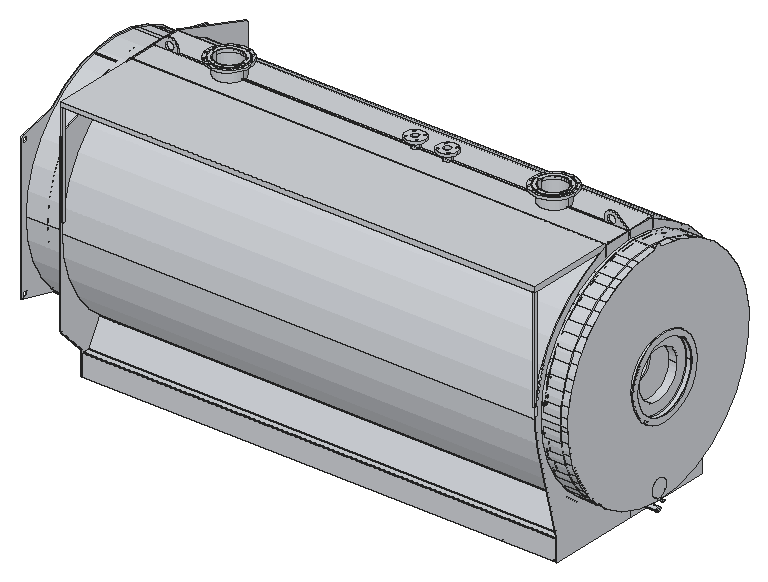
Revit family "BIMON_Котел_Водогрейный_TEMRON_WL6000", category Оборудование, Revit 2019
Family settings
  Размер круглого соединителя = Использовать диаметр
  Классификация = Нет
  Тип детали = Нормальный
  На основе рабочей плоскости = Нет
  Всегда вертикально = Да
  При загрузке вырезать с полостями = Нет
  Общий = Нет
  Точка расчета площади = Нет
Parameters
  УГО_Резмер [instance] = 0 mm
  УГО [instance] = yes
  Разработчик_Сайт = "https://www.bimon.ru/"
  Разработчик = "BIMON"  # constant formula
  Изготовитель = "Temron"  # constant formula
  URL = "https://temron.ru/catalog/temron-wl/main-wl/"
  TERMON_Расход уходящих газов = "10000 м3"
  TEMRON_Теплопроизводительность = "6 МВт/5.159 (Гкал/ч)"
  TEMRON_Температура уходящих газов = "180-185 /185-190 °С"
  TEMRON_Температура на выходе из котла = "110 °С"
  TEMRON_Температура на входе в котёл = "60 °С"
  TEMRON_Сопротивление газового тракта = "10 мбар"
  TEMRON_Расход топлива для природного газа = "661 м³/ч"
  TEMRON_Расход воды через котел = "206.2 м³/ч"
  TEMRON_Номинальная производительность = "6 МВт"
  TEMRON_Максимальное рабочее давление = "0.6 МПа"
  TEMRON_Максимальная температура пара = 110 mm
  TEMRON_КПД = "92.5 %"
  TEMRON_Водяной объём котла = "7 м³"
  D5_Уходящие газы = 720 mm  # constant formula
  D4_Дренажный патрубок газового котла = 15 mm  # constant formula
  D3_Дренажный патрубок = 32 mm  # constant formula
  D2_Аварийная линия = 65 mm  # constant formula
  D1_Выход теплоносителя = 250 mm  # constant formula
  D1_Вход теплоносителя = 250 mm  # constant formula
  ADSK_Этаж [instance] = ""
  ADSK_Расход жидкости [instance] = 0.0 L/s
  ADSK_Расход воздуха [instance] = 0.0 L/s
  ADSK_Примечание [instance] = ""
  ADSK_Позиция [instance] = ""
  ADSK_Обозначение = ADSK_Марка  # "WL 6000"
  ADSK_Наименование краткое [instance] = "Котел низкого давления"
  ADSK_Наименование = "Водогрейный котел низкого давления"
  ADSK_Материал = none
  ADSK_Масса_Текст = "8403"
  ADSK_Масса = 8403  # constant formula
  ADSK_Марка = "WL 6000"  # constant formula
  ADSK_Количество = 1  # constant formula
  ADSK_Код изделия = ""
  ADSK_Завод-изготовитель = "Temron"  # constant formula
  ADSK_Единица измерения = "шт"  # constant formula
  ADSK_URL страницы изделия = "https://temron.ru/catalog/temron-wl/vodogreynye-kotly-nizkogo-davleniya-temron-wl-6000/"
Reference planes
  plane 1 "По центру (Вперед/Назад)": y = 0
  plane 2: z = 0
  plane 3 "По центру (Влево/Вправо)": x = 0
  plane 4: y = 819.5
  plane 5: y = -819.5
  plane 6: x = -1260
  plane 7: x = -1250
  plane 8: x = -50
  plane 9: z = 1860
  plane 10: y = 250
  plane 11: z = 2590
  plane 12: z = 2589.88
  plane 13: z = 2024.296
  plane 14: x = -1270
  plane 15: x = 2720
  plane 16: x = 3120
  plane 17: x = 3210
  plane 18: x = 3198
  plane 19: z = 1305
  plane 20: x = 974
Forms (mm)
  Extrusion 1, solid, detail levels fine
    sketch origin (0, 0, 0) x (0, 1, 0) y (0, 0, 1)
      loop
        circle (0.012, 1305.004) r 1085
      loop
        circle (0.012, 1305.004) r 1090
    from -1250 to 3198
  Extrusion 2, solid, detail levels fine
    sketch origin (-1260, 1234.069, 1200) x (0, 1, 0) y (0, 0, 1)
      loop
        circle (-1234.069, 105) r 1035
      loop
        circle (-1234.069, 105) r 1025
    from 0 to -10
  Extrusion 3, solid, detail levels fine
    sketch origin (-1260, 1234.069, 1200) x (0, 1, 0) y (0, 0, 1)
      loop
        circle (-1234.069, 105) r 1025
      loop
        circle (-1234.069, 105) r 225
    from 0 to -1
  Extrusion 4, solid, detail levels fine
    sketch origin (3208, 1168.888, 1200) x (0, 1, 0) y (0, 0, 1)
      loop
        line (-317.253, -987.363) -> (-104.568, -172.936)
        arc (-104.568, -172.936) -> (-162.004, 547.961) -> (-654.634, 1077.401) r 1100
        line (-654.634, 1077.401) -> (-917.092, 1216.199)
        arc (-917.092, 1216.199) -> (-928.424, 1220.527) -> (-940.466, 1221.999) r 50
        line (-940.466, 1221.999) -> (-1168.875, 1221.999) -> (-1168.875, 1130.004)
        arc (-1168.875, 1130.004) -> (-143.875, 105.004) -> (-1168.875, -919.996) r 1025
        line (-1168.875, -919.996) -> (-1168.875, -999.996)
        arc (-1168.875, -999.996) -> (-1138.875, -1029.996) -> (-1168.875, -1059.996) r 30
        line (-1168.875, -1059.996) -> (-1168.875, -1199.996) -> (-318.875, -1199.996) -> (-318.875, -999.996)
        arc (-318.875, -999.996) -> (-318.468, -993.627) -> (-317.253, -987.363) r 50
    from 0 to -10
  Extrusion 5, solid, detail levels fine
    sketch origin (-1260, 1464.581, 1265.004) x (0, 1, 0) y (0, 0, 1)
      loop
        line (-685.069, -1074) -> (-629.269, -1074)
        arc (-629.269, -1074) -> (-622.551, -1076.782) -> (-619.769, -1083.5) r 9.5
        line (-619.769, -1083.5) -> (-619.769, -1246.5)
        arc (-619.769, -1246.5) -> (-622.551, -1253.218) -> (-629.269, -1256) r 9.5
        line (-629.269, -1256) -> (-685.069, -1256)
        arc (-685.069, -1256) -> (-688.958, -1257.611) -> (-690.569, -1261.5) r 5.5
        line (-690.569, -1261.5) -> (-690.569, -1265) -> (-614.569, -1265) -> (-614.569, -1065) -> (-690.569, -1065) -> (-690.569, -1068.5)
        arc (-690.569, -1068.5) -> (-688.958, -1072.389) -> (-685.069, -1074) r 5.5
      loop
        arc (-2244.094, -1074) -> (-2240.205, -1072.389) -> (-2238.594, -1068.5) r 5.5
        line (-2238.594, -1068.5) -> (-2238.594, -1065) -> (-2314.594, -1065) -> (-2314.594, -1265) -> (-2238.594, -1265) -> (-2238.594, -1261.5)
        arc (-2238.594, -1261.5) -> (-2240.205, -1257.611) -> (-2244.094, -1256) r 5.5
        line (-2244.094, -1256) -> (-2299.894, -1256)
        arc (-2299.894, -1256) -> (-2306.611, -1253.218) -> (-2309.394, -1246.5) r 9.5
        line (-2309.394, -1246.5) -> (-2309.394, -1083.5)
        arc (-2309.394, -1083.5) -> (-2306.611, -1076.782) -> (-2299.894, -1074) r 9.5
        line (-2299.894, -1074) -> (-2244.094, -1074)
    from 10 to 4458
  Sweep 6, solid, detail levels fine
    path origin (1948, 0, -40) x (1, 0, 0) y (0, 0, 1)
      loop
        line (1110, 335) -> (1110, 285)
        arc (1110, 285) -> (1131.967, 231.967) -> (1185, 210) r 75
        line (1185, 210) -> (1535, 210)
    profile origin (3058, 0, 270) x (0, -1, 0) y (1, 0, 0)
      loop
        circle (0, 0) r 21
      loop
        circle (0, 0) r 18
  Extrusion 7, solid, detail levels fine
    sketch origin (-1260, 1234.069, 1200) x (0, 1, 0) y (0, 0, 1)
      loop
        circle (-1236.366, 105.004) r 860
      loop
        circle (-1236.366, 105.004) r 1025
    from 0 to 4470
  Extrusion 8, solid, detail levels fine
    sketch origin (-1260, 1234.069, 1653.999) x (0, 1, 0) y (0, 0, 1)
      loop
        line (-957.069, 665) -> (-957.069, 760)
        arc (-957.069, 760) -> (-959.404, 765.657) -> (-965.061, 768) r 8
        line (-965.061, 768) -> (-1225.079, 768)
        arc (-1225.079, 768) -> (-1230.729, 765.653) -> (-1233.069, 760) r 8
        line (-1233.069, 760) -> (-1233.069, 730) -> (-1230.069, 730) -> (-1230.069, 760)
        arc (-1230.069, 760) -> (-1228.604, 763.536) -> (-1225.069, 765) r 5
        line (-1225.069, 765) -> (-965.069, 765)
        arc (-965.069, 765) -> (-961.537, 763.539) -> (-960.069, 760.01) r 5
        line (-960.069, 760.01) -> (-960.069, 665) -> (-957.069, 665)
      loop
        line (-1238.069, 730) -> (-1235.065, 730) -> (-1235.065, 760.001)
        arc (-1235.065, 760.001) -> (-1237.407, 765.656) -> (-1243.063, 767.998) r 7.998
        line (-1243.063, 767.998) -> (-1502.91, 767.998)
        arc (-1502.91, 767.998) -> (-1508.669, 765.713) -> (-1511.069, 760) r 8
        line (-1511.069, 760) -> (-1511.069, 665) -> (-1508.069, 665) -> (-1508.069, 759.995)
        arc (-1508.069, 759.995) -> (-1506.604, 763.53) -> (-1503.069, 764.995) r 5
        line (-1503.069, 764.995) -> (-1243.069, 765)
        arc (-1243.069, 765) -> (-1239.533, 763.536) -> (-1238.069, 760) r 5
        line (-1238.069, 760) -> (-1238.069, 730)
    from 4470 to 0
  Extrusion 9, solid, detail levels fine
    sketch origin (-1260, -1234.069, 1200) x (0, -1, 0) y (0, 0, -1)
      loop
        line (-2097.682, 965.716) -> (-2320.481, 729.143)
        arc (-2320.481, 729.143) -> (-2330.557, 713.303) -> (-2334.081, 694.863) r 50
        line (-2334.081, 694.863) -> (-2334.081, -904.871)
        arc (-2334.081, -904.871) -> (-2324.261, -934.63) -> (-2298.658, -952.699) r 50
        line (-2298.658, -952.699) -> (-1519.047, -1219.699)
        arc (-1519.047, -1219.699) -> (-1511.639, -1221.42) -> (-1504.056, -1221.999) r 50
        line (-1504.056, -1221.999) -> (-1234.081, -1221.999) -> (-1234.081, -1130.004)
        arc (-1234.081, -1130.004) -> (-2259.081, -105.004) -> (-1234.081, 919.996) r 1025
        line (-1234.081, 919.996) -> (-1234.081, 1199.996) -> (-2084.081, 1199.996) -> (-2084.081, 999.996)
        arc (-2084.081, 999.996) -> (-2087.606, 981.557) -> (-2097.682, 965.716) r 50
      loop
        circle (-2314.081, -900.004) r 9
      loop
        circle (-2314.081, -925.004) r 9
    from 0 to 10
  Extrusion 10, solid, detail levels fine
    sketch origin (-1260, 1464.581, 1265.004) x (0, 1, 0) y (0, 0, 1)
      loop
        line (-625.56, -1062) -> (-680.56, -1062)
        arc (-680.56, -1062) -> (-683.06, -1061.33) -> (-684.89, -1059.5) r 5
        line (-684.89, -1059.5) -> (-809.043, -844.461)
        arc (-809.043, -844.461) -> (-813.911, -840.719) -> (-819.998, -841.53) r 8
        line (-819.998, -841.53) -> (-854.62, -861.519) -> (-853.12, -864.117) -> (-818.479, -844.117)
        arc (-818.479, -844.117) -> (-814.685, -843.617) -> (-811.649, -845.947) r 5
        line (-811.649, -845.947) -> (-687.48, -1061)
        arc (-687.48, -1061) -> (-684.551, -1063.928) -> (-680.551, -1065) r 8
        line (-680.551, -1065) -> (-625.56, -1065) -> (-625.56, -1062)
      loop
        line (-2303.603, -1062) -> (-2303.603, -1065) -> (-2248.611, -1065)
        arc (-2248.611, -1065) -> (-2244.611, -1063.928) -> (-2241.683, -1061) r 8
        line (-2241.683, -1061) -> (-2117.514, -845.947)
        arc (-2117.514, -845.947) -> (-2114.478, -843.617) -> (-2110.684, -844.117) r 5
        line (-2110.684, -844.117) -> (-2076.043, -864.117) -> (-2074.543, -861.519) -> (-2109.164, -841.53)
        arc (-2109.164, -841.53) -> (-2115.251, -840.719) -> (-2120.12, -844.461) r 8
        line (-2120.12, -844.461) -> (-2244.273, -1059.5)
        arc (-2244.273, -1059.5) -> (-2246.103, -1061.33) -> (-2248.603, -1062) r 5
        line (-2248.603, -1062) -> (-2303.603, -1062)
    from 10 to 4458
  Revolve 11, solid, detail levels fine
    sketch origin (0, 0, 0) x (1, 0, 0) y (0, 0, 1)
      loop
        line (-1263, 591) -> (2707, 591) -> (2747, 591)
        spline (2747, 591) -> (2796.249, 597.45) -> (2844.2, 616.512) -> (2889.862, 647.502) -> (2932.583, 689.617) -> (2971.799, 742.016) -> (3007.009, 803.764) -> (3037.741, 873.857) -> (3063.56, 951.117) -> (3084.063, 1034.286) -> (3098.95, 1121.968) -> (3107.971, 1212.712) -> (3111, 1305)
        line (3111, 1305) -> (3097, 1305)
        spline (3097, 1305) -> (3094.006, 1213.632) -> (3085.074, 1123.827) -> (3070.358, 1037.122) -> (3050.109, 955) -> (3024.674, 878.867) -> (2994.487, 810.025) -> (2960.067, 749.653) -> (2922, 698.782) -> (2880.939, 658.284) -> (2837.587, 628.852) -> (2792.684, 610.989) -> (2747, 605)
        line (2747, 605) -> (2707, 605) -> (-1263, 605) -> (-1263, 591)
      axis (-1263, 1305) -> (3111, 1305)
    angle from 0 to 360
  Revolve 12, solid, detail levels fine
    sketch origin (0, 0, 0) x (1, 0, 0) y (0, 0, 1)
      loop
        line (3225, 1845.993) -> (2965, 1845.993) -> (2976.277, 1813.733) -> (3225, 1813.733) -> (3225, 1832.435) -> (3225, 1845.993)
      axis (2965, 1305) -> (3225, 1305)
    angle from 0 to 360
  Revolve 13, solid, detail levels fine
    sketch origin (0, 0, 0) x (1, 0, 0) y (0, 0, 1)
      loop
        line (3249.417, 1493.513) -> (3091.417, 1493.513) -> (3091.417, 1305.013) -> (3099.417, 1305.013) -> (3099.417, 1484.513) -> (3249.417, 1484.513) -> (3249.417, 1493.513)
      axis (3249.417, 1305) -> (3091.417, 1305)
    angle from 0 to 360
  Extrusion 14, solid, detail levels fine
    sketch origin (3118, 0, 2310) x (-1, 0, 0) y (0, 0, 1)
      loop
        line (-90, 0) -> (140, 0) -> (140, 150.027)
        arc (140, 150.027) -> (98.406, 213.977) -> (23.074, 201.942) r 70
        line (23.074, 201.942) -> (-78.436, 110.426)
        arc (-78.436, 110.426) -> (-86.979, 98.656) -> (-90, 84.43) r 35
        line (-90, 84.43) -> (-90, 0)
      loop
        circle (70, 150) r 40
    from -5 to 5
  Extrusion 15, solid, detail levels fine
    sketch origin (-1170, 0, 2309.88) x (1, 0, 0) y (0, 0, -1)
      loop
        line (-90, 0) -> (-90, -84.43)
        arc (-90, -84.43) -> (-86.979, -98.656) -> (-78.436, -110.426) r 35
        line (-78.436, -110.426) -> (23.074, -201.942)
        arc (23.074, -201.942) -> (98.406, -213.977) -> (140, -150.027) r 70
        line (140, -150.027) -> (140, 0) -> (-90, 0)
      loop
        circle (70, -150) r 40
    from -5 to 5
  Extrusion 16, solid, detail levels fine
    sketch origin (-1570, 0, 1050) x (0, 1, 0) y (0, 0, 1)
      loop
        circle (-0.012, 255.004) r 1045
      loop
        circle (-0.012, 255.004) r 1053
    from -50 to 300
  Revolve 17, solid, detail levels fine
    sketch origin (-1570, 0, 1050) x (1, 0, 0) y (0, 0, 1)
      loop
        line (300, -798) -> (300, -789.999) -> (239.893, -789.999) -> (-50, -789.999) -> (-50, -798) -> (300, -798)
      axis (-50, 255) -> (300, 255)
    angle from 0 to 360
  Extrusion 18, solid, detail levels fine
    sketch origin (-1624, 0, 1049.996) x (0, 1, 0) y (0, 0, 1)
      loop
        circle (0.012, 255.004) r 225
      loop
        arc (740.435, 1022.761) -> (728.567, 1027.264) -> (718.215, 1034.61) r 50
        arc (718.215, 1034.61) -> (0.012, 1315.004) -> (-718.19, 1034.61) r 1060
        arc (-718.19, 1034.61) -> (-728.542, 1027.264) -> (-740.41, 1022.761) r 50
        line (-740.41, 1022.761) -> (-1069.314, 943.901)
        arc (-1069.314, 943.901) -> (-1091.397, 929.772) -> (-1099.988, 905.004) r 40
        line (-1099.988, 905.004) -> (-1099.988, -394.996)
        arc (-1099.988, -394.996) -> (-1091.397, -419.765) -> (-1069.314, -433.894) r 40
        line (-1069.314, -433.894) -> (-740.41, -512.754)
        arc (-740.41, -512.754) -> (-728.542, -517.256) -> (-718.19, -524.602) r 50
        arc (-718.19, -524.602) -> (0.012, -804.996) -> (718.215, -524.602) r 1060
        arc (718.215, -524.602) -> (728.567, -517.256) -> (740.435, -512.754) r 50
        line (740.435, -512.754) -> (1069.339, -433.894)
        arc (1069.339, -433.894) -> (1091.421, -419.765) -> (1100.012, -394.996) r 40
        line (1100.012, -394.996) -> (1100.012, 905.004)
        arc (1100.012, 905.004) -> (1091.421, 929.772) -> (1069.339, 943.901) r 40
        line (1069.339, 943.901) -> (740.435, 1022.761)
      loop
        circle (1060.012, -394.996) r 27
      loop
        circle (1060.012, 905.004) r 27
      loop
        circle (-1059.988, 905.004) r 27
      loop
        circle (-1059.988, -394.996) r 27
    from 4 to -6
  Extrusion 19, solid, detail levels fine
    sketch origin (-1570, 10, 1305.219) x (1, 0, 0) y (0, 0, 1)
      loop
        line (154, -1025.215) -> (154, 1024.785) -> (-50, 1024.785) -> (-50, -1025.215) -> (154, -1025.215)
    from 250 to 258
  Extrusion 20, solid, detail levels fine
    sketch origin (-1570, 498, 1305.219) x (1, 0, 0) y (0, 0, 1)
      loop
        line (154.32, -1025.215) -> (154.32, 1004.661) -> (-50, 1004.661) -> (-50, -1025.215) -> (154.32, -1025.215)
    from 250 to 258
  Extrusion 21, solid, detail levels fine
    sketch origin (-1570, 0, 1318.297) x (1, 0, 0) y (0, 1, 0)
      loop
        line (154, -992) -> (154, 1003.062) -> (-50, 1003.062) -> (-50, -992) -> (154, -992)
    from 258.282 to 266.3
  Extrusion 22, solid, detail levels fine
    sketch origin (-1570, 0, 760.279) x (1, 0, 0) y (0, 1, 0)
      loop
        line (154, -992) -> (154, 1003.062) -> (-50, 1003.062) -> (-50, -992) -> (154, -992)
    from 258.282 to 266.3
  Extrusion 23, solid, detail levels fine
    sketch origin (-1340.3, -1524, 2082.999) x (0, 0, 1) y (0, -1, 0)
      loop
        arc (-507.999, -1849.012) -> (-469.108, -1832.903) -> (-452.999, -1794.012) r 55
        line (-452.999, -1794.012) -> (-452.999, -1254.012)
        arc (-452.999, -1254.012) -> (-469.108, -1215.122) -> (-507.999, -1199.012) r 55
        line (-507.999, -1199.012) -> (-1047.999, -1199.012)
        arc (-1047.999, -1199.012) -> (-1086.89, -1215.122) -> (-1102.999, -1254.012) r 55
        line (-1102.999, -1254.012) -> (-1102.999, -1794.012)
        arc (-1102.999, -1794.012) -> (-1086.89, -1832.903) -> (-1047.999, -1849.012) r 55
        line (-1047.999, -1849.012) -> (-507.999, -1849.012)
      loop
        circle (-777.999, -1524.012) r 275
    from -299.7 to -289.7
  Extrusion 24, solid, detail levels fine
    sketch origin (-1358.264, -1524, 2082.999) x (0, 0, 1) y (0, -1, 0)
      loop
        arc (-1102.999, -1794.012) -> (-1086.89, -1832.903) -> (-1047.999, -1849.012) r 55
        line (-1047.999, -1849.012) -> (-507.999, -1849.012)
        arc (-507.999, -1849.012) -> (-469.108, -1832.903) -> (-452.999, -1794.012) r 55
        line (-452.999, -1794.012) -> (-452.999, -1254.012)
        arc (-452.999, -1254.012) -> (-469.108, -1215.122) -> (-507.999, -1199.012) r 55
        line (-507.999, -1199.012) -> (-1047.999, -1199.012)
        arc (-1047.999, -1199.012) -> (-1086.89, -1215.122) -> (-1102.999, -1254.012) r 55
        line (-1102.999, -1254.012) -> (-1102.999, -1794.012)
    from -297.736 to -281.736
  Revolve 25, solid, detail levels fine
    sketch origin (-1570, 0, 1050) x (1, 0, 0) y (0, 0, 1)
      loop
        line (-50, 480) -> (154.32, 480) -> (154.32, 1299.999) -> (-50, 1299.999) -> (-50, 480)
      axis (154.32, 255) -> (-50, 255)
    angle from 0 to 360
  Revolve 26, solid, detail levels fine
    sketch origin (-1570, 0, 1050) x (1, 0, 0) y (0, 0, 1)
      loop
        line (289, 480) -> (289, 615) -> (200, 666.384) -> (200, 1201.502) -> (289, 1252.886) -> (289, 1299.999) -> (154, 1299.999) -> (154, 480) -> (289, 480)
      axis (289, 255) -> (154, 255)
    angle from 0 to 360
  Extrusion 27, solid, detail levels fine
    sketch origin (3210, 1168.888, 1200) x (0, 1, 0) y (0, 0, 1)
      loop
        circle (-1168.888, 105) r 1035
      loop
        circle (-1168.888, 105) r 1025
    from 0 to 10
  Extrusion 28, solid, detail levels fine
    sketch origin (3210, 1168.888, 1200) x (0, 1, 0) y (0, 0, 1)
      loop
        circle (-1168.888, 105) r 1025
      loop
        circle (-1168.888, 105) r 188.513
    from 0 to 1
  Extrusion 29, solid, detail levels fine
    sketch origin (3475, 0, 1050) x (0, -1, 0) y (0, 0, 1)
      loop
        circle (0, 255) r 1046
      loop
        circle (0, 255) r 1051
    from 0 to 252
  Revolve 30, solid, detail levels fine
    sketch origin (3475, 0, 1050) x (-1, 0, 0) y (0, 0, 1)
      loop
        line (231, -789.999) -> (231, -765.999)
        arc (231, -765.999) -> (231.293, -765.292) -> (232, -764.999) r 1
        line (232, -764.999) -> (252, -764.999) -> (252, -762.999) -> (232, -762.999)
        arc (232, -762.999) -> (229.879, -763.878) -> (229, -765.999) r 3
        line (229, -765.999) -> (229, -789.999) -> (231, -789.999)
      axis (229, 255) -> (252, 255)
    angle from 0 to 360
  Extrusion 31, solid, detail levels fine
    sketch origin (3477, 0, 1049.996) x (0, -1, 0) y (0, 0, 1)
      loop
        circle (-0.012, -695.997) r 65
      loop
        circle (-0.012, -623.497) r 2.387
      loop
        circle (62.774, -732.247) r 2.387
      loop
        circle (-62.799, -732.247) r 2.387
      loop
        circle (-0.012, 255.004) r 325
      loop
        arc (-24.68, 1328.398) -> (-33.203, 1318.344) -> (-45.654, 1314.021) r 25
        arc (-45.654, 1314.021) -> (-0.012, -804.996) -> (45.629, 1314.021) r 1060
        arc (45.629, 1314.021) -> (33.178, 1318.344) -> (24.656, 1328.398) r 25
        line (24.656, 1328.398) -> (20.38, 1337.569)
        arc (20.38, 1337.569) -> (-0.012, 1350.56) -> (-20.404, 1337.569) r 22.5
        line (-20.404, 1337.569) -> (-24.68, 1328.398)
      loop
        circle (-0.012, 1328.06) r 12.5
    from 0 to -3
  Extrusion 32, solid, detail levels fine
    sketch origin (3475, 0, 1050.496) x (0, -1, 0) y (0, 0, 1)
      loop
        circle (-0.012, 254.508) r 328
      loop
        circle (-0.012, 254.508) r 331
    from -5 to -55
  Extrusion 33, solid, detail levels fine
    sketch origin (3477, 0, 1050) x (0, -1, 0) y (0, 0, 1)
      loop
        circle (0, 255) r 325
      loop
        circle (0, 255) r 355
    from -59 to -53
  Extrusion 34, solid, detail levels fine
    sketch origin (3475, 0, 1050) x (0, -1, 0) y (0, 0, 1)
      loop
        line (-75.829, -793.261) -> (-78.194, -679.363)
        arc (-78.194, -679.363) -> (0, -619.5) -> (78.194, -679.363) r 81
        line (78.194, -679.363) -> (75.829, -793.261)
        arc (75.829, -793.261) -> (0, 1306) -> (-75.829, -793.261) r 1051
      loop
        circle (0, 255.004) r 225
    from -2 to 75
  Revolve 35, solid, detail levels fine
    sketch origin (3475, 0, 1050) x (-1, 0, 0) y (0, 0, 1)
      loop
        line (75, -795.999) -> (229, -795.999) -> (229, -789.999) -> (75, -789.999) -> (75, -795.999)
      axis (229, 255) -> (75, 255)
    angle from 0 to 360
  Revolve 36, solid, detail levels fine
    sketch origin (3475, 0, 1050) x (-1, 0, 0) y (0, 0, 1)
      loop
        line (233, -759.999) -> (233, -789.999) -> (253, -789.999) -> (253, -759.999) -> (233, -759.999)
      axis (233, 255) -> (253, 255)
    angle from 0 to 360
  Extrusion 37, solid, detail levels fine
    sketch origin (3475, 0, 1050) x (0, -1, 0) y (0, 0, 1)
      loop
        circle (0, -696.008) r 80
      loop
        circle (-62.787, -732.258) r 2.387
      loop
        circle (62.787, -732.258) r 2.387
      loop
        circle (0, -623.508) r 2.387
    from -3 to -14
  Extrusion 38, solid, detail levels fine
    sketch origin (2500, 0, 2345.63) x (1, 0, 0) y (0, 1, 0)
      loop
        circle (0, 0) r 136.5
      loop
        circle (0, 0) r 125
    from 0 to 211.37
  Extrusion 39, solid, detail levels fine
    sketch origin (2500, 0, 1661) x (1, 0, 0) y (0, 1, 0)
      loop
        circle (0, 0) r 167.5
      loop
        circle (0, 0) r 125
    from 896 to 875
  Revolve 40, solid, detail levels fine
    sketch origin (2500, 0, 2345.63) x (1, 0, 0) y (0, 0, 1)
      loop
        line (-131.5, 190.37) -> (-131.5, 214.37) -> (-163, 214.37) -> (-166, 211.37) -> (-197, 211.37) -> (-197, 190.37) -> (-131.5, 190.37)
      axis (0, 214.37) -> (0, 190.37)
    angle from 0 to 360
  Extrusion 41, solid, detail levels fine
    sketch origin (-1260, 1234.094, 1200) x (0, 1, 0) y (0, 0, 1)
      loop
        arc (-2097.682, -965.716) -> (-2087.606, -981.557) -> (-2084.081, -999.996) r 50
        line (-2084.081, -999.996) -> (-2084.081, -1199.996) -> (-1234.081, -1199.996) -> (-1234.081, -919.996)
        arc (-1234.081, -919.996) -> (-2259.081, 105.004) -> (-1234.081, 1130.004) r 1025
        line (-1234.081, 1130.004) -> (-1234.081, 1221.999) -> (-1504.107, 1221.999)
        arc (-1504.107, 1221.999) -> (-1511.69, 1221.42) -> (-1519.097, 1219.699) r 50
        line (-1519.097, 1219.699) -> (-2299.21, 952.527)
        arc (-2299.21, 952.527) -> (-2324.432, 934.397) -> (-2334.081, 904.871) r 50
        line (-2334.081, 904.871) -> (-2334.081, -694.863)
        arc (-2334.081, -694.863) -> (-2330.557, -713.303) -> (-2320.481, -729.143) r 50
        line (-2320.481, -729.143) -> (-2097.682, -965.716)
      loop
        circle (-2314.081, 900.004) r 9
      loop
        circle (-2314.081, 925.004) r 9
    from 0 to 10
  Extrusion 42, solid, detail levels fine
    sketch origin (3208, -1168.863, 1200) x (0, -1, 0) y (0, 0, -1)
      loop
        arc (-317.253, 987.363) -> (-318.468, 993.627) -> (-318.875, 999.996) r 50
        line (-318.875, 999.996) -> (-318.875, 1199.996) -> (-1168.875, 1199.996) -> (-1168.875, 1059.996)
        arc (-1168.875, 1059.996) -> (-1138.875, 1029.996) -> (-1168.875, 999.996) r 30
        line (-1168.875, 999.996) -> (-1168.875, 919.996)
        arc (-1168.875, 919.996) -> (-143.875, -105.004) -> (-1168.875, -1130.004) r 1025
        line (-1168.875, -1130.004) -> (-1168.875, -1221.997) -> (-940.463, -1221.997)
        arc (-940.463, -1221.997) -> (-928.422, -1220.526) -> (-917.089, -1216.197) r 50
        line (-917.089, -1216.197) -> (-654.634, -1077.401)
        arc (-654.634, -1077.401) -> (-162.004, -547.961) -> (-104.568, 172.936) r 1100
        line (-104.568, 172.936) -> (-317.253, 987.363)
    from 0 to -10
  Extrusion 43, solid, detail levels fine
    sketch origin (3483, 0, 1050) x (0, -1, 0) y (0, 0, 1)
      loop
        circle (0, 255) r 325
      loop
        circle (0, 255) r 375
      loop
        circle (-0.012, 615.004) r 5.5
      loop
        circle (211.59, 546.25) r 5.5
      loop
        circle (342.368, 366.25) r 5.5
      loop
        circle (342.368, 143.758) r 5.5
      loop
        circle (211.59, -36.242) r 5.5
      loop
        circle (-0.012, -104.996) r 5.5
      loop
        circle (-211.615, -36.242) r 5.5
      loop
        circle (-342.393, 143.758) r 5.5
      loop
        circle (-342.393, 366.25) r 5.5
      loop
        circle (-211.615, 546.25) r 5.5
    from -59 to -53
  Extrusion 44, void
    sketch origin (-1307.815, -1524, 1860) x (0, -1, 0) y (-1, 0, 0)
      loop
        circle (-1695.452, -3761.874) r 13
      loop
        circle (-1695.452, -3853.755) r 13
      loop
        circle (-1649.511, -3933.326) r 13
      loop
        circle (-1569.94, -3979.266) r 13
      loop
        circle (-1478.06, -3979.266) r 13
      loop
        circle (-1398.489, -3933.326) r 13
      loop
        circle (-1352.548, -3853.755) r 13
      loop
        circle (-1352.548, -3761.874) r 13
      loop
        circle (-1398.489, -3682.303) r 13
      loop
        circle (-1478.06, -3636.363) r 13
      loop
        circle (-1569.94, -3636.363) r 13
      loop
        circle (-1649.511, -3682.303) r 13
    from -767.549 to -578.4
  Extrusion 45, void
    sketch origin (-1307.815, -1524, 1860) x (0, -1, 0) y (-1, 0, 0)
      loop
        circle (-1524, -3807.815) r 125
    from -1106.31 to -540.004
  Extrusion 46, solid, detail levels fine
    sketch origin (-550, 0, 2345.63) x (1, 0, 0) y (0, 1, 0)
      loop
        circle (0, 0) r 136.5
      loop
        circle (0, 0) r 125
    from 0 to 211.37
  Extrusion 47, solid, detail levels fine
    sketch origin (-550, 0, 1661) x (1, 0, 0) y (0, 1, 0)
      loop
        circle (0, 0) r 167.5
      loop
        circle (0, 0) r 125
    from 896 to 875
  Revolve 48, solid, detail levels fine
    sketch origin (-550, 0, 2345.63) x (1, 0, 0) y (0, 0, 1)
      loop
        line (-131.5, 190.37) -> (-131.5, 214.37) -> (-163, 214.37) -> (-166, 211.37) -> (-197, 211.37) -> (-197, 190.37) -> (-131.5, 190.37)
      axis (0, 214.37) -> (0, 190.37)
    angle from 0 to 360
  Extrusion 49, void
    sketch origin (-4357.815, -1524, 1860) x (0, -1, 0) y (-1, 0, 0)
      loop
        circle (-1695.452, -3761.874) r 13
      loop
        circle (-1695.452, -3853.755) r 13
      loop
        circle (-1649.511, -3933.326) r 13
      loop
        circle (-1569.94, -3979.266) r 13
      loop
        circle (-1478.06, -3979.266) r 13
      loop
        circle (-1398.489, -3933.326) r 13
      loop
        circle (-1352.548, -3853.755) r 13
      loop
        circle (-1352.548, -3761.874) r 13
      loop
        circle (-1398.489, -3682.303) r 13
      loop
        circle (-1478.06, -3636.363) r 13
      loop
        circle (-1569.94, -3636.363) r 13
      loop
        circle (-1649.511, -3682.303) r 13
    from -767.549 to -578.4
  Extrusion 50, void
    sketch origin (-4357.815, -1524, 1860) x (0, -1, 0) y (-1, 0, 0)
      loop
        circle (-1524, -3807.815) r 125
    from -1106.31 to -540.004
  Extrusion 51, solid, detail levels fine
    sketch origin (-1307.815, -1524, 1860) x (-1, 0, 0) y (0, -1, 0)
      loop
        circle (-2807.815, -1524) r 32.5
      loop
        circle (-2807.815, -1524) r 38
    from 461 to 631
  Extrusion 52, solid, detail levels fine
    sketch origin (-1607.815, -1524, 1860) x (-1, 0, 0) y (0, -1, 0)
      loop
        circle (-2807.815, -1524) r 32.5
      loop
        circle (-2807.815, -1524) r 38
    from 461 to 631
  Extrusion 53, solid, detail levels fine
    sketch origin (-1307.815, -1524, 1860) x (-1, 0, 0) y (0, -1, 0)
      loop
        circle (-2807.815, -1524) r 92.5
      loop
        circle (-2807.815, -1524) r 32.5
      loop
        circle (-2859.08, -1575.265) r 9
      loop
        circle (-2859.08, -1472.735) r 9
      loop
        circle (-2756.549, -1472.735) r 9
      loop
        circle (-2756.549, -1575.265) r 9
    from 631 to 651
  Extrusion 54, solid, detail levels fine
    sketch origin (-1607.815, -1524, 1860) x (-1, 0, 0) y (0, -1, 0)
      loop
        circle (-2807.815, -1524) r 92.5
      loop
        circle (-2807.815, -1524) r 32.5
      loop
        circle (-2859.08, -1575.265) r 9
      loop
        circle (-2859.08, -1472.735) r 9
      loop
        circle (-2756.549, -1472.735) r 9
      loop
        circle (-2756.549, -1575.265) r 9
    from 631 to 651
  Extrusion 55, solid, detail levels fine
    sketch origin (-1260, -1234.069, 1200) x (0, -1, 0) y (0, 0, -1)
      loop
        line (-137.256, -1221.999) -> (-137.256, -1171.999) -> (-957.069, -1171.999) -> (-957.069, -1221.999) -> (-137.256, -1221.999)
    from 10 to 4458
  Extrusion 56, solid, detail levels fine
    sketch origin (-1307.815, -695.254, 1860) x (-1, 0, 0) y (0, -1, 0)
      loop
        line (-57.815, 401.559) -> (-77.815, 401.559) -> (-77.815, 381.559) -> (-57.815, 381.559) -> (-57.815, 401.559)
      loop
        line (-4485.815, 401.559) -> (-4505.815, 401.559) -> (-4505.815, 381.559) -> (-4485.815, 381.559) -> (-4485.815, 401.559)
    from -449.635 to 511.999
  Revolve 57, solid
    sketch origin (2704, 0, 90.68) x (1, 0, 0) y (0, 0, 1)
      loop
        line (776, 169.32) -> (826, 169.32) -> (826, 179.32) -> (776, 179.32) -> (776, 169.32)
      axis (776, 169.32) -> (826, 169.32)
    angle from 0 to 360
Cuts and joins
  Extrusion 44, Extrusion 45 cuts Extrusion 1
  Extrusion 44, Extrusion 45 cuts Extrusion 7
  Extrusion 44, Extrusion 45, Extrusion 50 cuts Extrusion 8
  Extrusion 44, Extrusion 45 cuts Revolve 11
  Extrusion 44, Extrusion 49 cuts Revolve 40
  Extrusion 45, Extrusion 50 cuts Extrusion 38
  Extrusion 49 cuts Extrusion 39
  Extrusion 49 cuts Extrusion 47
  Extrusion 49 cuts Revolve 48
  Extrusion 50 cuts Extrusion 46
Lines and regions (mm)
  model lines, detail levels coarse+medium
    curve 1: line (-1726, 0, 4005) -> (3674, 0, 4005)
    curve 2: line (-1726, 0, -1395) -> (-1726, 0, 4005)
    curve 3: line (3674, 0, -1395) -> (-1726, 0, -1395)
    curve 4: line (3674, 0, 4005) -> (3674, 0, -1395)
Dimensions and locks
  equal spacing: plane 4, plane 1 "По центру (Вперед/Назад)", plane 5
  plane 4 to plane 5 = 1639 mm
  plane 6 to plane 3 "По центру (Влево/Вправо)" = 1260 mm
  locked: plane 7 to plane 6 at 10
  locked: plane 8 to plane 3 "По центру (Влево/Вправо)" at 50
  plane 1 "По центру (Вперед/Назад)" to plane 10 = 250 mm
  plane 15 to plane 7 = 3970 mm
  plane 16 to plane 15 = 400 mm
  plane 6 to Revolve 11 sketch curve = 3 mm
  Extrusion 16 to Extrusion 19 = 204 mm
  radius of Extrusion 27 sketch curve = 1025 mm
  aligned and locked: level to plane 2
  aligned and locked: Extrusion 5 to Extrusion 1
  aligned and locked: Extrusion 1 to Extrusion 5
  aligned and locked: Extrusion 5 to plane 7
Automatic sketch dimensions
  Extrusion 1 sketch curve to Extrusion 1 sketch curve = 0 mm  (x2)
  plane 19 to Extrusion 1 sketch curve = 0.004 mm
  Extrusion 1 sketch curve to plane 1 "По центру (Вперед/Назад)" = 0.012 mm
  Extrusion 2 sketch curve to Extrusion 2 sketch curve = 0 mm  (x2)
  Extrusion 2 sketch curve to plane 1 "По центру (Вперед/Назад)" = 0 mm
  Extrusion 2 sketch curve to plane 19 = 0 mm
  Extrusion 3 sketch curve to Extrusion 3 sketch curve = 0 mm  (x2)
  Extrusion 3 sketch curve to plane 1 "По центру (Вперед/Назад)" = 0 mm
  Extrusion 3 sketch curve to plane 19 = 0 mm
  Extrusion 4 sketch curve to Extrusion 4 sketch curve = 0 mm  (x2)
  plane 19 to Extrusion 4 sketch curve = 0.004 mm
  Extrusion 4 sketch curve to plane 1 "По центру (Вперед/Назад)" = 0.012 mm
  Extrusion 4 sketch curve to plane 10 = 21.579 mm
  plane 10 to Extrusion 4 sketch curve = 1.796 mm
  plane 10 to Extrusion 4 sketch curve = 264.254 mm
  level to Extrusion 4 sketch curve = 0.004 mm
  plane 4 to Extrusion 4 sketch curve = 30.512 mm
  Extrusion 4 sketch curve to Extrusion 4 sketch curve = 1.622 mm
  Extrusion 4 sketch curve to Extrusion 4 sketch curve = 48.378 mm
  plane 4 to Extrusion 4 sketch curve = 244.819 mm
  Extrusion 4 sketch curve to Extrusion 4 sketch curve = 140 mm
  Extrusion 4 sketch curve to Extrusion 4 sketch curve = 30 mm
  level to Extrusion 4 sketch curve = 200.004 mm
  Extrusion 4 sketch curve to Extrusion 4 sketch curve = 80 mm
  Extrusion 4 sketch curve to plane 19 = 277.936 mm
  Extrusion 4 sketch curve to Extrusion 4 sketch curve = 41.995 mm
  Extrusion 4 sketch curve to Extrusion 4 sketch curve = 44.2 mm
  Extrusion 5 sketch curve to plane 5 = 30.512 mm
  Extrusion 5 sketch curve to Extrusion 5 sketch curve = 5.2 mm
  Extrusion 5 sketch curve to Extrusion 5 sketch curve = 9.5 mm  (x3)
  plane 5 to Extrusion 5 sketch curve = 39.988 mm  (x2)
  level to Extrusion 5 sketch curve = 3.504 mm
  Extrusion 5 sketch curve to Extrusion 5 sketch curve = 5.5 mm  (x4)
  Extrusion 5 sketch curve to plane 4 = 45.488 mm  (x2)
  level to Extrusion 5 sketch curve = 0.004 mm  (x2)
  plane 4 to Extrusion 5 sketch curve = 15.812 mm  (x2)
  Extrusion 5 sketch curve to Extrusion 5 sketch curve = 14.7 mm
  Extrusion 5 sketch curve to Extrusion 5 sketch curve = 3.5 mm  (x2)
  Extrusion 5 sketch curve to Extrusion 5 sketch curve = 163 mm  (x2)
  Extrusion 5 sketch curve to Extrusion 5 sketch curve = 9 mm
  plane 18 to Sweep 6 sketch curve = 140 mm
  plane 18 to Sweep 6 sketch curve = 65 mm
  level to Sweep 6 sketch curve = 170 mm
  Sweep 6 sketch curve to plane 17 = 273 mm
  Sweep 6 sketch curve to Sweep 6 sketch curve = 50 mm
  Sweep 6 sketch curve to Sweep 6 sketch curve = 0 mm  (x2)
  plane 1 "По центру (Вперед/Назад)" to Sweep 6 sketch curve = 0 mm
  Sweep 6 sketch curve to profile plane = 0 mm
  Extrusion 7 sketch curve to Extrusion 7 sketch curve = 0 mm  (x2)
  plane 19 to Extrusion 7 sketch curve = 0.004 mm
  plane 1 "По центру (Вперед/Назад)" to Extrusion 7 sketch curve = 2.297 mm
  Extrusion 8 sketch curve to Extrusion 8 sketch curve = 0 mm  (x14)
  plane 1 "По центру (Вперед/Назад)" to Extrusion 8 sketch curve = 277 mm
  Extrusion 8 sketch curve to Extrusion 8 sketch curve = 3 mm  (x3)
  Extrusion 8 sketch curve to Extrusion 8 sketch curve = 5 mm  (x2)
  Extrusion 8 sketch curve to Extrusion 8 sketch curve = 0.159 mm
  plane 1 "По центру (Вперед/Назад)" to Extrusion 8 sketch curve = 9 mm
  Extrusion 8 sketch curve to Extrusion 8 sketch curve = 0.006 mm
  plane 1 "По центру (Вперед/Назад)" to Extrusion 8 sketch curve = 4 mm
  plane 1 "По центру (Вперед/Назад)" to Extrusion 8 sketch curve = 0.996 mm
  Extrusion 8 sketch curve to plane 1 "По центру (Вперед/Назад)" = 1 mm
  Extrusion 8 sketch curve to plane 1 "По центру (Вперед/Назад)" = 8.99 mm
  plane 10 to Extrusion 8 sketch curve = 19 mm
  Extrusion 8 sketch curve to Extrusion 8 sketch curve = 0.008 mm
  plane 10 to Extrusion 8 sketch curve = 24 mm
  plane 9 to Extrusion 8 sketch curve = 458.999 mm  (x2)
  Extrusion 8 sketch curve to Extrusion 8 sketch curve = 65 mm
  Extrusion 8 sketch curve to Extrusion 8 sketch curve = 94.995 mm
  Extrusion 8 sketch curve to Extrusion 8 sketch curve = 95 mm
  Extrusion 8 sketch curve to Extrusion 8 sketch curve = 30 mm
  Extrusion 8 sketch curve to Extrusion 8 sketch curve = 0.005 mm
  Extrusion 8 sketch curve to Extrusion 8 sketch curve = 0.001 mm
  Extrusion 8 sketch curve to Extrusion 8 sketch curve = 0.01 mm
  plane 4 to Extrusion 9 sketch curve = 280.512 mm
  Extrusion 9 sketch curve to Extrusion 9 sketch curve = 13.601 mm
  Extrusion 9 sketch curve to Extrusion 9 sketch curve = 20 mm
  Extrusion 9 sketch curve to Extrusion 9 sketch curve = 0 mm
  Extrusion 9 sketch curve to Extrusion 9 sketch curve = 15.424 mm
  Extrusion 9 sketch curve to Extrusion 9 sketch curve = 30 mm
  Extrusion 9 sketch curve to Extrusion 9 sketch curve = 50 mm
  plane 4 to Extrusion 9 sketch curve = 80.512 mm
  plane 4 to Extrusion 9 sketch curve = 44.113 mm
  level to Extrusion 9 sketch curve = 0.004 mm
  plane 4 to Extrusion 9 sketch curve = 30.512 mm
  plane 10 to Extrusion 9 sketch curve = 34.978 mm
  plane 10 to Extrusion 9 sketch curve = 19.987 mm
  Extrusion 9 sketch curve to plane 1 "По центру (Вперед/Назад)" = 0.012 mm
  level to Extrusion 9 sketch curve = 200.004 mm
  Extrusion 9 sketch curve to Extrusion 9 sketch curve = 280 mm
  Extrusion 9 sketch curve to Extrusion 9 sketch curve = 236.573 mm
  plane 19 to Extrusion 9 sketch curve = 0.004 mm
  plane 9 to Extrusion 9 sketch curve = 240.004 mm
  Extrusion 9 sketch curve to Extrusion 9 sketch curve = 4.867 mm
  Extrusion 9 sketch curve to Extrusion 9 sketch curve = 25 mm
  Extrusion 9 sketch curve to Extrusion 9 sketch curve = 41.995 mm
  Extrusion 9 sketch curve to Extrusion 9 sketch curve = 47.7 mm
  Extrusion 10 sketch curve to Extrusion 10 sketch curve = 0 mm  (x24)
  Extrusion 10 sketch curve to plane 5 = 19.522 mm
  plane 5 to Extrusion 10 sketch curve = 35.47 mm
  Extrusion 10 sketch curve to Extrusion 10 sketch curve = 0.008 mm  (x4)
  plane 5 to Extrusion 10 sketch curve = 163.961 mm
  Extrusion 10 sketch curve to Extrusion 10 sketch curve = 6.936 mm  (x2)
  Extrusion 10 sketch curve to Extrusion 10 sketch curve = 4.019 mm  (x2)
  Extrusion 10 sketch curve to Extrusion 10 sketch curve = 33.122 mm
  Extrusion 10 sketch curve to Extrusion 10 sketch curve = 1.5 mm  (x2)
  Extrusion 10 sketch curve to plane 4 = 209.539 mm
  Extrusion 10 sketch curve to Extrusion 10 sketch curve = 34.622 mm
  Extrusion 10 sketch curve to plane 4 = 35.478 mm
  plane 4 to Extrusion 10 sketch curve = 19.522 mm
  level to Extrusion 10 sketch curve = 200.004 mm  (x2)
  Extrusion 10 sketch curve to Extrusion 10 sketch curve = 3 mm  (x2)
  Extrusion 10 sketch curve to Extrusion 10 sketch curve = 5 mm  (x2)
  Extrusion 10 sketch curve to Extrusion 10 sketch curve = 192.883 mm  (x2)
  Extrusion 10 sketch curve to Extrusion 10 sketch curve = 2.598 mm  (x2)
  Extrusion 10 sketch curve to Extrusion 10 sketch curve = 15.67 mm  (x2)
  Extrusion 10 sketch curve to Extrusion 10 sketch curve = 3.986 mm  (x2)
  Extrusion 10 sketch curve to Extrusion 10 sketch curve = 4.33 mm
  Extrusion 10 sketch curve to Extrusion 10 sketch curve = 2.59 mm  (x2)
  Extrusion 10 sketch curve to Extrusion 10 sketch curve = 2.606 mm  (x2)
  Extrusion 10 sketch curve to Extrusion 10 sketch curve = 1.519 mm  (x2)
  Extrusion 10 sketch curve to Extrusion 10 sketch curve = 6.928 mm
  Extrusion 10 sketch curve to Extrusion 10 sketch curve = 1.486 mm  (x2)
  Revolve 11 sketch curve to plane 19 = 0 mm  (x2)
  Revolve 11 sketch curve to plane 15 = 13 mm  (x2)
  plane 15 to Revolve 11 sketch curve = 27 mm
  Revolve 11 sketch curve to Revolve 11 sketch curve = 0 mm
  Revolve 11 sketch curve to plane 16 = 23 mm
  Revolve 11 sketch curve to plane 16 = 9 mm
  level to Revolve 11 sketch curve = 605 mm
  Revolve 11 sketch curve to Revolve 11 sketch curve = 14 mm
  Revolve 11 sketch curve to plane 14 = 87.377 mm
  Revolve 12 sketch curve to plane 19 = 0 mm
  Revolve 12 sketch curve to plane 9 = 14.007 mm
  plane 18 to Revolve 12 sketch curve = 233 mm
  Revolve 12 sketch curve to plane 9 = 46.267 mm
  Revolve 12 sketch curve to Revolve 12 sketch curve = 11.277 mm
  Revolve 12 sketch curve to plane 17 = 15 mm
  Revolve 12 sketch curve to Revolve 12 sketch curve = 13.558 mm
  Revolve 13 sketch curve to plane 19 = 0 mm
  plane 19 to Revolve 13 sketch curve = 0.013 mm
  plane 18 to Revolve 13 sketch curve = 106.583 mm
  Revolve 13 sketch curve to Revolve 13 sketch curve = 8 mm
  Revolve 13 sketch curve to plane 17 = 39.417 mm
  plane 19 to Revolve 13 sketch curve = 179.513 mm
  Revolve 13 sketch curve to Revolve 13 sketch curve = 9 mm
  Extrusion 14 sketch curve to Extrusion 14 sketch curve = 0 mm  (x2)
  plane 17 to Extrusion 14 sketch curve = 2 mm
  plane 18 to Extrusion 14 sketch curve = 1.564 mm
  plane 18 to Extrusion 14 sketch curve = 25 mm
  plane 18 to Extrusion 14 sketch curve = 103.074 mm
  Extrusion 14 sketch curve to Extrusion 14 sketch curve = 46.926 mm
  Extrusion 14 sketch curve to Extrusion 14 sketch curve = 70 mm
  Extrusion 14 sketch curve to plane 11 = 280 mm
  Extrusion 14 sketch curve to Extrusion 14 sketch curve = 84.43 mm
  Extrusion 14 sketch curve to plane 11 = 130 mm
  Extrusion 14 sketch curve to Extrusion 14 sketch curve = 0.027 mm
  Extrusion 15 sketch curve to Extrusion 15 sketch curve = 0 mm  (x2)
  Extrusion 15 sketch curve to plane 6 = 0 mm
  plane 7 to Extrusion 15 sketch curve = 1.564 mm
  plane 7 to Extrusion 15 sketch curve = 25 mm
  plane 7 to Extrusion 15 sketch curve = 103.074 mm
  Extrusion 15 sketch curve to Extrusion 15 sketch curve = 46.926 mm
  Extrusion 15 sketch curve to Extrusion 15 sketch curve = 70 mm
  Extrusion 15 sketch curve to plane 12 = 78.058 mm
  Extrusion 15 sketch curve to Extrusion 15 sketch curve = 51.915 mm
  Extrusion 15 sketch curve to Extrusion 15 sketch curve = 91.516 mm
  Extrusion 15 sketch curve to Extrusion 15 sketch curve = 150.027 mm
  Extrusion 16 sketch curve to Extrusion 16 sketch curve = 0 mm  (x2)
  plane 19 to Extrusion 16 sketch curve = 0.004 mm
  plane 1 "По центру (Вперед/Назад)" to Extrusion 16 sketch curve = 0.012 mm
  Revolve 17 sketch curve to plane 19 = 0 mm
  Revolve 17 sketch curve to plane 14 = 0 mm
  Revolve 17 sketch curve to Revolve 17 sketch curve = 60.107 mm
  Revolve 17 sketch curve to Revolve 17 sketch curve = 289.893 mm
  level to Revolve 17 sketch curve = 260.001 mm
  Revolve 17 sketch curve to Revolve 17 sketch curve = 8.001 mm
  Revolve 17 sketch curve to plane 14 = 520 mm
  plane 7 to Revolve 17 sketch curve = 470 mm
  Extrusion 18 sketch curve to Extrusion 18 sketch curve = 0 mm  (x14)
  Extrusion 18 sketch curve to plane 19 = 0 mm
  Extrusion 18 sketch curve to plane 13 = 69.296 mm  (x2)
  Extrusion 18 sketch curve to plane 5 = 280.488 mm
  Extrusion 18 sketch curve to Extrusion 18 sketch curve = 30.674 mm  (x2)
  Extrusion 18 sketch curve to plane 13 = 30.399 mm  (x2)
  Extrusion 18 sketch curve to Extrusion 18 sketch curve = 40 mm
  plane 5 to Extrusion 18 sketch curve = 67.432 mm  (x2)
  Extrusion 18 sketch curve to Extrusion 18 sketch curve = 11.658 mm  (x4)
  Extrusion 18 sketch curve to plane 1 "По центру (Вперед/Назад)" = 0.012 mm
  Extrusion 18 sketch curve to plane 4 = 79.065 mm  (x2)
  plane 4 to Extrusion 18 sketch curve = 240.512 mm  (x2)
  Extrusion 18 sketch curve to Extrusion 18 sketch curve = 9.326 mm  (x2)
  Extrusion 18 sketch curve to plane 19 = 650 mm  (x2)
  Extrusion 18 sketch curve to Extrusion 18 sketch curve = 78.86 mm  (x2)
  Extrusion 18 sketch curve to Extrusion 18 sketch curve = 48.622 mm  (x4)
  plane 13 to Extrusion 18 sketch curve = 48.461 mm  (x2)
  Extrusion 19 sketch curve to plane 14 = 350 mm
  Extrusion 19 sketch curve to plane 14 = 146 mm
  level to Extrusion 19 sketch curve = 280.004 mm
  plane 9 to Extrusion 19 sketch curve = 470.004 mm
  Extrusion 20 sketch curve to plane 14 = 350 mm
  Extrusion 20 sketch curve to plane 14 = 145.68 mm
  level to Extrusion 20 sketch curve = 280.004 mm
  plane 9 to Extrusion 20 sketch curve = 449.88 mm
  Extrusion 21 sketch curve to plane 14 = 350 mm
  Extrusion 21 sketch curve to Extrusion 21 sketch curve = 204 mm
  Extrusion 21 sketch curve to plane 5 = 172.5 mm
  plane 4 to Extrusion 21 sketch curve = 183.562 mm
  Extrusion 22 sketch curve to plane 14 = 350 mm
  Extrusion 22 sketch curve to Extrusion 22 sketch curve = 204 mm
  Extrusion 22 sketch curve to plane 5 = 172.5 mm
  plane 4 to Extrusion 22 sketch curve = 183.562 mm
  Extrusion 23 sketch curve to plane 19 = 0 mm
  plane 10 to Extrusion 23 sketch curve = 20.012 mm  (x2)
  Extrusion 23 sketch curve to Extrusion 23 sketch curve = 55 mm  (x2)
  Extrusion 23 sketch curve to plane 1 "По центру (Вперед/Назад)" = 0.012 mm
  plane 10 to Extrusion 23 sketch curve = 25.012 mm
  plane 10 to Extrusion 24 sketch curve = 20.012 mm  (x2)
  Extrusion 24 sketch curve to plane 19 = 325 mm
  Extrusion 24 sketch curve to Extrusion 24 sketch curve = 55 mm  (x3)
  Revolve 25 sketch curve to plane 19 = 0 mm
  Revolve 25 sketch curve to plane 14 = 350 mm
  Revolve 25 sketch curve to plane 14 = 145.68 mm
  plane 19 to Revolve 25 sketch curve = 225 mm
  plane 9 to Revolve 25 sketch curve = 489.999 mm
  Revolve 25 sketch curve to Revolve 25 sketch curve = 180 mm
  plane 7 to Revolve 25 sketch curve = 180 mm
  Revolve 26 sketch curve to plane 19 = 0 mm
  Revolve 26 sketch curve to plane 14 = 146 mm
  Revolve 26 sketch curve to plane 14 = 100 mm
  Revolve 26 sketch curve to plane 14 = 11 mm  (x2)
  plane 19 to Revolve 26 sketch curve = 225 mm
  Revolve 26 sketch curve to Revolve 26 sketch curve = 135 mm
  Revolve 26 sketch curve to Revolve 26 sketch curve = 51.384 mm  (x2)
  plane 9 to Revolve 26 sketch curve = 391.502 mm
  Revolve 26 sketch curve to Revolve 26 sketch curve = 47.113 mm
  Revolve 26 sketch curve to Revolve 26 sketch curve = 284 mm
  plane 7 to Revolve 26 sketch curve = 180 mm
  Extrusion 27 sketch curve to Extrusion 27 sketch curve = 0 mm  (x2)
  Extrusion 27 sketch curve to plane 1 "По центру (Вперед/Назад)" = 0 mm
  Extrusion 27 sketch curve to plane 19 = 0 mm
  Extrusion 28 sketch curve to Extrusion 28 sketch curve = 0 mm  (x6)
  Extrusion 28 sketch curve to plane 1 "По центру (Вперед/Назад)" = 0 mm
  Extrusion 28 sketch curve to plane 19 = 0 mm
  Extrusion 28 sketch curve to plane 19 = 188.513 mm
  Extrusion 29 sketch curve to Extrusion 29 sketch curve = 0 mm  (x2)
  Extrusion 29 sketch curve to plane 1 "По центру (Вперед/Назад)" = 0 mm
  Extrusion 29 sketch curve to plane 19 = 0 mm
  Revolve 30 sketch curve to Revolve 30 sketch curve = 0 mm  (x2)
  Revolve 30 sketch curve to plane 19 = 0 mm
  Revolve 30 sketch curve to plane 17 = 36 mm
  Revolve 30 sketch curve to Revolve 30 sketch curve = 2 mm
  Revolve 30 sketch curve to Revolve 30 sketch curve = 1 mm
  Revolve 30 sketch curve to plane 17 = 13 mm
  level to Revolve 30 sketch curve = 287.001 mm
  Revolve 30 sketch curve to Revolve 30 sketch curve = 24 mm
  Revolve 30 sketch curve to plane 17 = 485 mm
  plane 18 to Revolve 30 sketch curve = 465 mm
  Extrusion 31 sketch curve to Extrusion 31 sketch curve = 0 mm  (x16)
  Extrusion 31 sketch curve to plane 19 = 0 mm
  Extrusion 31 sketch curve to plane 1 "По центру (Вперед/Назад)" = 62.799 mm
  Extrusion 31 sketch curve to plane 1 "По центру (Вперед/Назад)" = 47.338 mm
  Extrusion 31 sketch curve to plane 1 "По центру (Вперед/Назад)" = 24.68 mm
  Extrusion 31 sketch curve to Extrusion 31 sketch curve = 4.276 mm  (x2)
  Extrusion 31 sketch curve to plane 1 "По центру (Вперед/Назад)" = 0.012 mm  (x4)
  plane 1 "По центру (Вперед/Назад)" to Extrusion 31 sketch curve = 20.38 mm
  Extrusion 31 sketch curve to Extrusion 31 sketch curve = 22.658 mm
  plane 1 "По центру (Вперед/Назад)" to Extrusion 31 sketch curve = 62.774 mm
  level to Extrusion 31 sketch curve = 426.499 mm
  Extrusion 31 sketch curve to Extrusion 31 sketch curve = 72.5 mm
  Extrusion 31 sketch curve to Extrusion 31 sketch curve = 36.25 mm  (x2)
  plane 9 to Extrusion 31 sketch curve = 518.056 mm
  Extrusion 31 sketch curve to Extrusion 31 sketch curve = 0.339 mm  (x2)
  Extrusion 31 sketch curve to Extrusion 31 sketch curve = 9.17 mm
  Extrusion 31 sketch curve to Extrusion 31 sketch curve = 10.565 mm  (x2)
  Extrusion 31 sketch curve to Extrusion 31 sketch curve = 2.213 mm
  Extrusion 31 sketch curve to Extrusion 31 sketch curve = 2.387 mm  (x3)
  plane 10 to Extrusion 31 sketch curve = 75.012 mm
  Extrusion 31 sketch curve to Extrusion 31 sketch curve = 1.684 mm
  Extrusion 32 sketch curve to Extrusion 32 sketch curve = 0 mm  (x2)
  plane 19 to Extrusion 32 sketch curve = 0.004 mm
  Extrusion 32 sketch curve to plane 1 "По центру (Вперед/Назад)" = 0.012 mm
  Extrusion 33 sketch curve to Extrusion 33 sketch curve = 0 mm  (x2)
  Extrusion 33 sketch curve to plane 1 "По центру (Вперед/Назад)" = 0 mm
  Extrusion 33 sketch curve to plane 19 = 0 mm
  Extrusion 34 sketch curve to plane 1 "По центру (Вперед/Назад)" = 0 mm  (x3)
  Extrusion 34 sketch curve to plane 19 = 0 mm
  Extrusion 34 sketch curve to plane 1 "По центру (Вперед/Назад)" = 75.829 mm
  Extrusion 34 sketch curve to plane 1 "По центру (Вперед/Назад)" = 78.194 mm
  plane 1 "По центру (Вперед/Назад)" to Extrusion 34 sketch curve = 75.829 mm
  plane 1 "По центру (Вперед/Назад)" to Extrusion 34 sketch curve = 78.194 mm
  level to Extrusion 34 sketch curve = 370.637 mm
  Extrusion 34 sketch curve to Extrusion 34 sketch curve = 21.137 mm
  Extrusion 34 sketch curve to Extrusion 34 sketch curve = 113.898 mm
  Extrusion 34 sketch curve to Extrusion 34 sketch curve = 0.004 mm
  Revolve 35 sketch curve to plane 19 = 0 mm
  Revolve 35 sketch curve to plane 17 = 190 mm
  Revolve 35 sketch curve to plane 17 = 36 mm
  level to Revolve 35 sketch curve = 260.001 mm
  Revolve 35 sketch curve to Revolve 35 sketch curve = 6 mm
  Revolve 35 sketch curve to plane 17 = 613 mm
  plane 18 to Revolve 35 sketch curve = 95 mm
  Revolve 36 sketch curve to plane 19 = 0 mm
  Revolve 36 sketch curve to plane 17 = 32 mm
  Revolve 36 sketch curve to plane 17 = 12 mm
  level to Revolve 36 sketch curve = 290.001 mm
  Revolve 36 sketch curve to Revolve 36 sketch curve = 30 mm
  Revolve 36 sketch curve to plane 17 = 1616.99 mm
  Extrusion 37 sketch curve to Extrusion 37 sketch curve = 0 mm  (x7)
  Extrusion 37 sketch curve to plane 1 "По центру (Вперед/Назад)" = 0 mm  (x2)
  Extrusion 37 sketch curve to plane 1 "По центру (Вперед/Назад)" = 62.787 mm
  plane 1 "По центру (Вперед/Назад)" to Extrusion 37 sketch curve = 62.787 mm
  level to Extrusion 37 sketch curve = 317.742 mm
  Extrusion 37 sketch curve to Extrusion 37 sketch curve = 36.25 mm
  Extrusion 37 sketch curve to Extrusion 37 sketch curve = 72.5 mm
  Extrusion 37 sketch curve to plane 1 "По центру (Вперед/Назад)" = 2.387 mm
  Extrusion 37 sketch curve to Extrusion 37 sketch curve = 2.387 mm  (x2)
  Extrusion 38 sketch curve to Extrusion 38 sketch curve = 0 mm  (x2)
  plane 1 "По центру (Вперед/Назад)" to Extrusion 38 sketch curve = 0 mm
  plane 18 to Extrusion 38 sketch curve = 698 mm
  Extrusion 39 sketch curve to Extrusion 39 sketch curve = 0 mm  (x2)
  plane 1 "По центру (Вперед/Назад)" to Extrusion 39 sketch curve = 0 mm
  plane 18 to Extrusion 39 sketch curve = 698 mm
  Revolve 40 sketch curve to Revolve 40 sketch curve = 31 mm
  Revolve 40 sketch curve to Revolve 40 sketch curve = 3 mm  (x2)
  Revolve 40 sketch curve to Revolve 40 sketch curve = 31.5 mm
  plane 9 to Revolve 40 sketch curve = 676 mm
  Revolve 40 sketch curve to Revolve 40 sketch curve = 21 mm
  Revolve 40 sketch curve to Revolve 40 sketch curve = 131.5 mm
  Revolve 40 sketch curve to Revolve 40 sketch curve = 34 mm
  Revolve 40 sketch curve to Revolve 40 sketch curve = 95 mm
  Extrusion 41 sketch curve to plane 5 = 280.488 mm
  Extrusion 41 sketch curve to Extrusion 41 sketch curve = 13.601 mm
  Extrusion 41 sketch curve to Extrusion 41 sketch curve = 20 mm
  Extrusion 41 sketch curve to Extrusion 41 sketch curve = 0 mm
  Extrusion 41 sketch curve to Extrusion 41 sketch curve = 14.872 mm
  Extrusion 41 sketch curve to Extrusion 41 sketch curve = 30 mm
  Extrusion 41 sketch curve to Extrusion 41 sketch curve = 50 mm
  Extrusion 41 sketch curve to plane 5 = 80.488 mm
  Extrusion 41 sketch curve to plane 5 = 44.088 mm
  level to Extrusion 41 sketch curve = 0.004 mm
  Extrusion 41 sketch curve to plane 5 = 30.488 mm
  plane 1 "По центру (Вперед/Назад)" to Extrusion 41 sketch curve = 285.004 mm
  Extrusion 41 sketch curve to Extrusion 41 sketch curve = 14.991 mm
  Extrusion 41 sketch curve to plane 1 "По центру (Вперед/Назад)" = 0.012 mm
  Extrusion 41 sketch curve to Extrusion 41 sketch curve = 200 mm
  Extrusion 41 sketch curve to Extrusion 41 sketch curve = 280 mm
  Extrusion 41 sketch curve to Extrusion 41 sketch curve = 236.573 mm
  plane 19 to Extrusion 41 sketch curve = 0.004 mm
  plane 9 to Extrusion 41 sketch curve = 240.004 mm
  Extrusion 41 sketch curve to Extrusion 41 sketch curve = 4.867 mm
  Extrusion 41 sketch curve to Extrusion 41 sketch curve = 25 mm
  Extrusion 41 sketch curve to Extrusion 41 sketch curve = 41.995 mm
  Extrusion 41 sketch curve to Extrusion 41 sketch curve = 47.7 mm
  Extrusion 42 sketch curve to Extrusion 42 sketch curve = 0 mm  (x2)
  plane 19 to Extrusion 42 sketch curve = 0.004 mm
  Extrusion 42 sketch curve to plane 1 "По центру (Вперед/Назад)" = 0.012 mm
  plane 1 "По центру (Вперед/Назад)" to Extrusion 42 sketch curve = 228.399 mm
  Extrusion 42 sketch curve to Extrusion 42 sketch curve = 23.375 mm
  Extrusion 42 sketch curve to Extrusion 42 sketch curve = 262.455 mm
  level to Extrusion 42 sketch curve = 0.004 mm
  Extrusion 42 sketch curve to plane 5 = 30.488 mm
  Extrusion 42 sketch curve to Extrusion 42 sketch curve = 1.622 mm
  Extrusion 42 sketch curve to Extrusion 42 sketch curve = 48.378 mm
  Extrusion 42 sketch curve to plane 5 = 244.795 mm
  Extrusion 42 sketch curve to Extrusion 42 sketch curve = 972.397 mm
  plane 9 to Extrusion 42 sketch curve = 470.004 mm
  Extrusion 42 sketch curve to Extrusion 42 sketch curve = 41.993 mm
  Extrusion 42 sketch curve to Extrusion 42 sketch curve = 44.2 mm
  level to Extrusion 42 sketch curve = 212.637 mm
  Extrusion 42 sketch curve to Extrusion 42 sketch curve = 80 mm
  Extrusion 42 sketch curve to Extrusion 42 sketch curve = 30 mm
  Extrusion 43 sketch curve to Extrusion 43 sketch curve = 0 mm  (x2)
  Extrusion 43 sketch curve to plane 1 "По центру (Вперед/Назад)" = 0 mm
  Extrusion 43 sketch curve to plane 19 = 0 mm
  Extrusion 43 sketch curve to plane 1 "По центру (Вперед/Назад)" = 0.012 mm  (x2)
  Extrusion 43 sketch curve to plane 10 = 38.385 mm  (x2)
  plane 10 to Extrusion 43 sketch curve = 92.393 mm  (x2)
  plane 1 "По центру (Вперед/Назад)" to Extrusion 43 sketch curve = 211.59 mm  (x2)
  Extrusion 43 sketch curve to Extrusion 43 sketch curve = 130.778 mm  (x2)
  Extrusion 43 sketch curve to plane 19 = 111.242 mm  (x2)
  Extrusion 43 sketch curve to Extrusion 43 sketch curve = 180 mm  (x4)
  Extrusion 43 sketch curve to Extrusion 43 sketch curve = 68.754 mm
  plane 19 to Extrusion 43 sketch curve = 111.25 mm  (x2)
  Extrusion 43 sketch curve to plane 9 = 194.996 mm
  plane 1 "По центру (Вперед/Назад)" to Extrusion 45 sketch curve = 0 mm
  plane 18 to Extrusion 45 sketch curve = 698 mm
  Extrusion 46 sketch curve to Extrusion 46 sketch curve = 0 mm  (x3)
  plane 1 "По центру (Вперед/Назад)" to Extrusion 46 sketch curve = 0 mm
  Extrusion 47 sketch curve to Extrusion 47 sketch curve = 0 mm  (x3)
  plane 1 "По центру (Вперед/Назад)" to Extrusion 47 sketch curve = 0 mm
  plane 7 to Revolve 48 sketch curve = 503 mm
  Revolve 48 sketch curve to Revolve 48 sketch curve = 31 mm
  Revolve 48 sketch curve to Revolve 48 sketch curve = 3 mm  (x2)
  Revolve 48 sketch curve to Revolve 48 sketch curve = 31.5 mm
  plane 9 to Revolve 48 sketch curve = 676 mm
  Revolve 48 sketch curve to Revolve 48 sketch curve = 21 mm
  Revolve 48 sketch curve to Revolve 48 sketch curve = 131.5 mm
  Revolve 48 sketch curve to Revolve 48 sketch curve = 34 mm
  Revolve 48 sketch curve to Revolve 48 sketch curve = 95 mm
  Extrusion 49 sketch curve to plane 10 = 78.548 mm  (x2)
  Extrusion 49 sketch curve to Extrusion 49 sketch curve = 45.94 mm  (x7)
